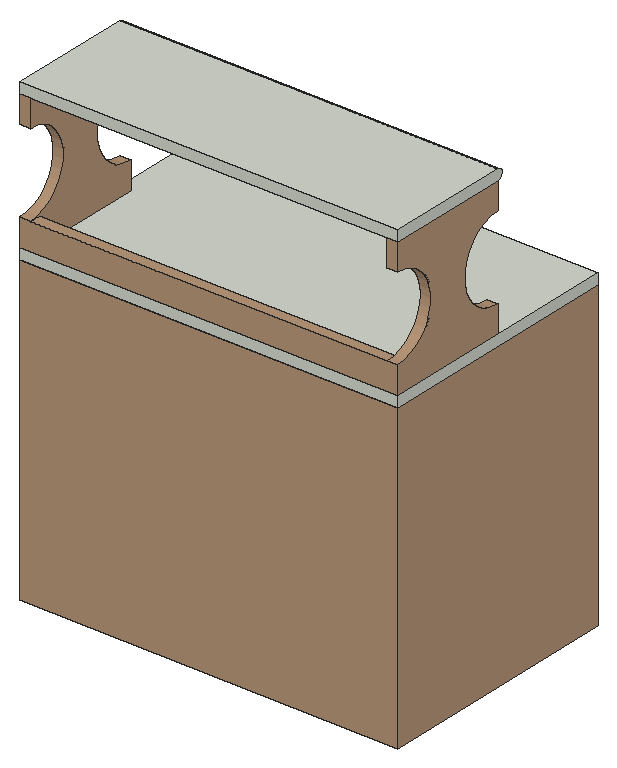
Revit family
Parameters
  Unit = Wood
  Tyre = Metal1
  Top = Stone
  Subcategory = "Base Cabinet"
  SmartBIM Object Version = 3  # constant formula
  SmartBIM Object Created By = "Reed Construction Data"  # constant formula
  Default Elevation = 4' - 0"
  Assembly Code = "C1030410"
  95 CSI = "06410"  # constant formula
  04 CSI = "16 41 00"  # constant formula
Reference planes (in)
  plane 1 "Center F/B": y = 0
  plane 2: z = 0
  plane 3 "Center L/R": x = 0
  plane 4: x = -18.125
  plane 5: x = 18.125
  plane 6: y = 12
  plane 7: y = -12
  plane 8: z = 22.25
  plane 9: z = 44.5
  plane 10: z = 30.25
  plane 11: z = 0.93449
  plane 12: z = 3.43449
  plane 13: z = 31.25
  plane 14: z = 45.5
  plane 15: x = 17.125
  plane 16: x = -17.125
  plane 17: z = 29.25
  plane 18: z = 24.75
  plane 19: z = 23.75
  plane 20: z = 2.93449
  plane 21: y = 12.5
  plane 22: x = 0.5
  plane 23: x = -0.5
Forms (in)
  Extrusion 1, solid, material "Metal1" <- "Tyre"
    sketch origin (-0.79274, -1, 0) x (0, 1, 0) y (0, 0, -1)
      loop
        circle (11.00839, -0.99815) r 1
    from 13.33226 to 14.33226
  Extrusion 2, solid, material "Metal1" <- "Tyre"
    sketch origin (1, -1.09375, 0) x (-1, 0, 0) y (0, -1, 0)
      loop
        line (16.125, -11.34912) -> (16.29965, -11.34912) -> (16.29965, -10.84912) -> (16.125, -10.84912) -> (16.125, -11.34912)
      loop
        line (15.125, -11.34912) -> (15.125, -10.84912) -> (14.95035, -10.84912) -> (14.95035, -11.34912) -> (15.125, -11.34912)
    from 0.93449 to 2.58008
  Extrusion 3, solid, material "Metal1" <- "Tyre"
    sketch origin (1, -1, 0) x (-1, 0, 0) y (0, -1, 0)
      loop
        line (18.125, -12) -> (18.125, -9.5) -> (13.375, -9.5) -> (13.375, -12) -> (18.125, -12)
    from 2.58008 to 2.63813
  Extrusion 4, solid, material "Metal1" <- "Tyre"
    sketch origin (0.79274, -1, 0) x (0, 1, 0) y (0, 0, 1)
      loop
        circle (11.00839, 0.99815) r 1
    from 13.33226 to 14.33226
  Extrusion 5, solid, material "Metal1" <- "Tyre"
    sketch origin (-1, -1.09375, 0) x (1, 0, 0) y (0, 1, 0)
      loop
        line (16.125, 11.34912) -> (16.125, 10.84912) -> (16.29965, 10.84912) -> (16.29965, 11.34912) -> (16.125, 11.34912)
      loop
        line (15.125, 11.34912) -> (14.95035, 11.34912) -> (14.95035, 10.84912) -> (15.125, 10.84912) -> (15.125, 11.34912)
    from 0.93449 to 2.58008
  Extrusion 6, solid, material "Metal1" <- "Tyre"
    sketch origin (-1, -1, 0) x (1, 0, 0) y (0, 1, 0)
      loop
        line (18.125, 12) -> (13.375, 12) -> (13.375, 9.5) -> (18.125, 9.5) -> (18.125, 12)
    from 2.58008 to 2.63813
  Extrusion 7, solid, material "Metal1" <- "Tyre"
    sketch origin (-0.79274, 1, 0) x (0, -1, 0) y (0, 0, 1)
      loop
        circle (11.00839, 0.99815) r 1
    from 13.33226 to 14.33226
  Extrusion 8, solid, material "Metal1" <- "Tyre"
    sketch origin (1, 1.09375, 0) x (-1, 0, 0) y (0, -1, 0)
      loop
        line (16.125, 11.34912) -> (16.125, 10.84912) -> (16.29965, 10.84912) -> (16.29965, 11.34912) -> (16.125, 11.34912)
      loop
        line (15.125, 11.34912) -> (14.95035, 11.34912) -> (14.95035, 10.84912) -> (15.125, 10.84912) -> (15.125, 11.34912)
    from 0.93449 to 2.58008
  Extrusion 9, solid, material "Metal1" <- "Tyre"
    sketch origin (1, 1, 0) x (-1, 0, 0) y (0, -1, 0)
      loop
        line (18.125, 12) -> (13.375, 12) -> (13.375, 9.5) -> (18.125, 9.5) -> (18.125, 12)
    from 2.58008 to 2.63813
  Extrusion 10, solid, material "Metal1" <- "Tyre"
    sketch origin (0.79274, 1, 0) x (0, -1, 0) y (0, 0, -1)
      loop
        circle (11.00839, -0.99815) r 1
    from 13.33226 to 14.33226
  Extrusion 11, solid, material "Metal1" <- "Tyre"
    sketch origin (-1, 1.09375, 0) x (1, 0, 0) y (0, 1, 0)
      loop
        line (16.125, -11.34912) -> (16.29965, -11.34912) -> (16.29965, -10.84912) -> (16.125, -10.84912) -> (16.125, -11.34912)
      loop
        line (15.125, -11.34912) -> (15.125, -10.84912) -> (14.95035, -10.84912) -> (14.95035, -11.34912) -> (15.125, -11.34912)
    from 0.93449 to 2.58008
  Extrusion 12, solid, material "Metal1" <- "Tyre"
    sketch origin (-1, 1, 0) x (1, 0, 0) y (0, 1, 0)
      loop
        line (18.125, -12) -> (18.125, -9.5) -> (13.375, -9.5) -> (13.375, -12) -> (18.125, -12)
    from 2.58008 to 2.63813
  Extrusion 13, solid, material "Wood" <- "Unit"
    sketch origin (0, 0, 0) x (1, 0, 0) y (0, 1, 0)
      loop
        line (18.125, 12) -> (-18.125, 12) -> (-18.125, -12) -> (18.125, -12) -> (18.125, 12)
      loop
        line (-17.125, -11) -> (17.125, -11) -> (17.125, 11) -> (-17.125, 11) -> (-17.125, -11)
    from 0.93449 to 30.25
  Extrusion 14, solid, material "Wood" <- "Unit"
    sketch origin (1, -1, 2.63813) x (-1, 0, 0) y (0, -1, 0)
      loop
        line (18.125, -12) -> (18.125, 10) -> (-16.125, 10) -> (-16.125, -12) -> (18.125, -12)
    from 0 to 0.79636
  Extrusion 15, solid, material "Stone" <- "Top"
    sketch origin (1, -1, 2.63813) x (-1, 0, 0) y (0, -1, 0)
      loop
        line (-17.125, -13) -> (19.125, -13) -> (19.125, 11) -> (-17.125, 11) -> (-17.125, -13)
    from 27.61187 to 28.61187
  Extrusion 16, solid, material "Stone" <- "Top"
    sketch origin (0, 0, 0) x (0, 1, 0) y (0, 0, 1)
      loop
        line (0, 45.5) -> (-12, 45.5) -> (-12, 44.5) -> (0, 44.5)
        arc (0, 44.5) -> (0.05542, 44.50308) -> (0.11016, 44.51229) r 0.5
        arc (0.11016, 44.51229) -> (0.21082, 44.54662) -> (0.30194, 44.60146) r 0.5
        arc (0.30194, 44.60146) -> (0.38096, 44.67616) -> (0.44196, 44.76617) r 0.5
        arc (0.44196, 44.76617) -> (0.45703, 44.79721) -> (0.46993, 44.82922) r 0.5
        arc (0.46993, 44.82922) -> (0.5, 45.00093) -> (0.46929, 45.17252) r 0.5
        arc (0.46929, 45.17252) -> (0.4096, 45.28676) -> (0.32269, 45.38193) r 0.5
        arc (0.32269, 45.38193) -> (0.24061, 45.4383) -> (0.149, 45.47728) r 0.5
        arc (0.149, 45.47728) -> (0.07536, 45.49429) -> (0, 45.5) r 0.5
    from -18.125 to 18.125
  Extrusion 17, solid, material "Wood" <- "Unit"
    sketch origin (0, 0, 0) x (0, 1, 0) y (0, 0, 1)
      loop
        line (-12, 44.5) -> (-12, 41.875)
        arc (-12, 41.875) -> (-8, 37.875) -> (-12, 33.875) r 4
        line (-12, 33.875) -> (-12, 31.25) -> (0, 31.25) -> (0, 33.875)
        arc (0, 33.875) -> (-4, 37.875) -> (0, 41.875) r 4
        line (0, 41.875) -> (0, 44.5) -> (-12, 44.5)
    from 17.125 to 18.125
  Blend 18, solid, material "Wood" <- "Unit"
    base sketch origin (0, 0, 0) x (1, 0, 0) y (0, 0, 1)
      loop
        line (-17.125, 29.25) -> (-17.125, 24.75) -> (-0.0625, 24.75) -> (-0.0625, 29.25) -> (-17.125, 29.25)
    top sketch origin (0, 0, 0) x (1, 0, 0) y (0, 0, 1)
      loop
        line (-0.5, 28.75) -> (-16.625, 28.75) -> (-16.625, 25.25) -> (-0.5, 25.25) -> (-0.5, 28.75)
    from -12 to -12.5
  Blend 19, solid, material "Wood" <- "Unit"
    base sketch origin (0, 0, 0) x (1, 0, 0) y (0, 0, 1)
      loop
        line (17.125, 2.93449) -> (17.125, 22.25) -> (0.5, 22.25) -> (0.5, 2.93449) -> (17.125, 2.93449)
    top sketch origin (0, 0, 0) x (1, 0, 0) y (0, 0, 1)
      loop
        line (16.125, 21.25) -> (1.5, 21.25) -> (1.5, 3.93449) -> (16.125, 3.93449) -> (16.125, 21.25)
    from -12 to -12.5
  Blend 20, solid, material "Wood" <- "Unit"
    base sketch origin (0, 0, 0) x (-1, 0, 0) y (0, 0, -1)
      loop
        line (17.125, -2.93449) -> (0.5, -2.93449) -> (0.5, -22.25) -> (17.125, -22.25) -> (17.125, -2.93449)
    top sketch origin (0, 0, 0) x (-1, 0, 0) y (0, 0, -1)
      loop
        line (16.125, -21.25) -> (16.125, -3.93449) -> (1.5, -3.93449) -> (1.5, -21.25) -> (16.125, -21.25)
    from -12 to -12.5
  Blend 21, solid, material "Wood" <- "Unit"
    base sketch origin (0, 0, 0) x (-1, 0, 0) y (0, 0, -1)
      loop
        line (-17.125, -29.25) -> (-0.0625, -29.25) -> (-0.0625, -24.75) -> (-17.125, -24.75) -> (-17.125, -29.25)
    top sketch origin (0, 0, 0) x (-1, 0, 0) y (0, 0, -1)
      loop
        line (-0.5, -28.75) -> (-0.5, -25.25) -> (-16.625, -25.25) -> (-16.625, -28.75) -> (-0.5, -28.75)
    from -12 to -12.5
  Extrusion 22, solid, material "Wood" <- "Unit"
    sketch origin (0, 0, 0) x (0, 1, 0) y (0, 0, -1)
      loop
        line (-12, -44.5) -> (0, -44.5) -> (0, -41.875)
        arc (0, -41.875) -> (-4, -37.875) -> (0, -33.875) r 4
        line (0, -33.875) -> (0, -31.25) -> (-12, -31.25) -> (-12, -33.875)
        arc (-12, -33.875) -> (-8, -37.875) -> (-12, -41.875) r 4
        line (-12, -41.875) -> (-12, -44.5)
    from 17.125 to 18.125
  Extrusion 23, solid, material "Wood" <- "Unit"
    sketch origin (0, 0, 0) x (1, 0, 0) y (0, 0, 1)
      loop
        line (-17.125, 33.875) -> (-17.125, 31.25) -> (17.125, 31.25) -> (17.125, 33.875) -> (-17.125, 33.875)
    from 11 to 12
Cuts and joins
  joined: Extrusion 1, Extrusion 2, Extrusion 3, Extrusion 4, Extrusion 5, Extrusion 6, Extrusion 7, Extrusion 8, Extrusion 9, Extrusion 10, Extrusion 11, Extrusion 12
  joined: Extrusion 15, Extrusion 16
  joined: Extrusion 13, Extrusion 14, Extrusion 17, Blend 18, Blend 19, Blend 20, Extrusion 22, Extrusion 23
Dimensions and locks (in)
  equal spacing: plane 4, plane 3 "Center L/R", plane 5
  locked: plane 4 to plane 5 at 36.25
  equal spacing: plane 7, plane 1 "Center F/B", plane 6
  locked: plane 7 to plane 6 at 24
  equal spacing: plane 9, plane 8, level
  locked: plane 9 to level at 44.5
  locked: Extrusion 1 to Extrusion 1 at 1
  locked: Extrusion 1 to plane 4 at 3
  locked: Extrusion 4 to Extrusion 4 at 1
  locked: Extrusion 4 to plane 5 at 3
  locked: Extrusion 7 to Extrusion 7 at 1
  locked: Extrusion 7 to plane 4 at 3
  locked: Extrusion 10 to Extrusion 10 at 1
  locked: Extrusion 10 to plane 5 at 3
  locked: Extrusion 13 sketch curve to Extrusion 13 sketch curve at 1  (x4)
  locked: plane 10 to level at 30.25
  locked: plane 11 to level at 0.93449
  locked: plane 12 to plane 11 at 2.5
  locked: plane 13 to plane 10 at 1
  locked: plane 14 to plane 9 at 1
  locked: plane 5 to plane 15 at 1
  locked: plane 4 to plane 16 at 1
  locked: plane 10 to plane 17 at 1
  locked: plane 17 to plane 18 at 4.5
  locked: plane 18 to plane 19 at 1
  locked: plane 20 to plane 11 at 2
  locked: plane 21 to plane 6 at 0.5
  locked: plane 22 to plane 3 "Center L/R" at 0.5
  locked: plane 23 to plane 3 "Center L/R" at 0.5
  aligned and locked: level to plane 2
  aligned and locked: Extrusion 2 to Extrusion 3
  aligned and locked: Extrusion 6 to Extrusion 5
  aligned and locked: Extrusion 9 to Extrusion 8
  aligned and locked: Extrusion 11 to Extrusion 12
  aligned and locked: Extrusion 13 sketch curve to plane 6
  aligned and locked: Extrusion 13 sketch curve to plane 4
  aligned and locked: Extrusion 13 sketch curve to plane 7
  aligned and locked: Extrusion 13 sketch curve to plane 5
  aligned and locked: plane 10 to Extrusion 13
  aligned and locked: plane 11 to Extrusion 8
  aligned and locked: Extrusion 13 to plane 11
  aligned and locked: Extrusion 14 sketch curve to Extrusion 13  (x4)
  aligned and locked: Extrusion 14 to Extrusion 9
  aligned and locked: plane 12 to Extrusion 14
  aligned and locked: Extrusion 15 sketch curve to plane 6
  aligned and locked: Extrusion 15 sketch curve to plane 4
  aligned and locked: Extrusion 15 sketch curve to plane 7
  aligned and locked: Extrusion 15 sketch curve to plane 5
  aligned and locked: Extrusion 15 to plane 10
  aligned and locked: plane 13 to Extrusion 15
  aligned and locked: plane 5 to Extrusion 16
  aligned and locked: Extrusion 16 to plane 4
  aligned and locked: Extrusion 17 sketch curve to Extrusion 16
  aligned and locked: plane 7 to Extrusion 17 sketch curve
  aligned and locked: plane 1 "Center F/B" to Extrusion 17 sketch curve
  aligned and locked: Extrusion 15 to Extrusion 17 sketch curve
  aligned and locked: plane 5 to Extrusion 17
  aligned and locked: Extrusion 17 to plane 15
  aligned and locked: plane 16 to Blend 18 sketch curve
  aligned and locked: Blend 18 sketch curve to plane 17
  aligned and locked: Blend 18 sketch curve to plane 18
  aligned and locked: plane 6 to Blend 18
  aligned and locked: Blend 18 to plane 21
  aligned and locked: plane 15 to Blend 19 sketch curve
  aligned and locked: plane 8 to Blend 19 sketch curve
  aligned and locked: plane 22 to Blend 19 sketch curve
  aligned and locked: plane 20 to Blend 19 sketch curve
  aligned and locked: Blend 19 to cut or joined group of Extrusion 13, Extrusion 14, Extrusion 17, Blend 18, Blend 19, Blend 20, Extrusion 22, Extrusion 23
  aligned and locked: Blend 19 to plane 21
  aligned and locked: plane 23 to Blend 20
  aligned and locked: Blend 20 to plane 8
  aligned and locked: Blend 20 to plane 16
  aligned and locked: plane 20 to Blend 20
  aligned and locked: cut or joined group of Extrusion 13, Extrusion 14, Extrusion 17, Blend 18, Blend 19, Blend 20, Extrusion 22, Extrusion 23 to plane 21
  aligned and locked: Extrusion 22 to Extrusion 23 sketch curve
  aligned and locked: Extrusion 23 sketch curve to cut or joined group of Extrusion 13, Extrusion 14, Extrusion 17, Blend 18, Blend 19, Blend 20, Extrusion 22, Extrusion 23
  aligned and locked: cut or joined group of Extrusion 13, Extrusion 14, Extrusion 17, Blend 18, Blend 19, Blend 20, Extrusion 22, Extrusion 23 to Extrusion 23 sketch curve
  aligned and locked: plane 3 "Center L/R" to Extrusion 22 sketch curve
  aligned and locked: Extrusion 22 sketch curve to plane 7  (x2)
  aligned and locked: Extrusion 22 sketch curve to plane 1 "Center F/B"  (x2)
Automatic sketch dimensions
  plane 11 to Extrusion 1 sketch curve = 0' - 0.06366"
  plane 6 to Extrusion 1 sketch curve = 0' - 1.99161"
  plane 16 to Extrusion 2 sketch curve = 0' - 3.17465"
  Extrusion 2 sketch curve to Extrusion 2 sketch curve = 0' - 0.17465"  (x2)
  Extrusion 2 sketch curve to Extrusion 2 sketch curve = 0' - 1"
  Extrusion 2 sketch curve to plane 6 = 0' - 2.24463"
  Extrusion 2 sketch curve to Extrusion 2 sketch curve = 0' - 0"
  Extrusion 2 sketch curve to Extrusion 2 sketch curve = 0' - 0 1/2"  (x2)
  Extrusion 3 sketch curve to plane 16 = 0' - 0"
  plane 16 to Extrusion 3 sketch curve = 0' - 4 3/4"
  Extrusion 3 sketch curve to plane 6 = 0' - 3 1/2"
  Extrusion 3 sketch curve to plane 6 = 0' - 1"
  plane 11 to Extrusion 4 sketch curve = 0' - 0.06366"
  plane 6 to Extrusion 4 sketch curve = 0' - 1.99161"
  Extrusion 5 sketch curve to plane 15 = 0' - 3.17465"
  Extrusion 5 sketch curve to Extrusion 5 sketch curve = 0' - 0.17465"  (x2)
  Extrusion 5 sketch curve to Extrusion 5 sketch curve = 0' - 1"
  plane 6 to Extrusion 5 sketch curve = 0' - 2.24463"
  Extrusion 5 sketch curve to Extrusion 5 sketch curve = 0' - 0"
  Extrusion 5 sketch curve to Extrusion 5 sketch curve = 0' - 0 1/2"  (x2)
  Extrusion 6 sketch curve to plane 15 = 0' - 0"
  Extrusion 6 sketch curve to Extrusion 6 sketch curve = 0' - 4 3/4"
  plane 6 to Extrusion 6 sketch curve = 0' - 3 1/2"
  plane 6 to Extrusion 6 sketch curve = 0' - 1"
  plane 11 to Extrusion 7 sketch curve = 0' - 0.06366"
  Extrusion 7 sketch curve to plane 7 = 0' - 1.99161"
  Extrusion 8 sketch curve to plane 16 = 0' - 3.17465"
  Extrusion 8 sketch curve to Extrusion 8 sketch curve = 0' - 0.17465"  (x2)
  Extrusion 8 sketch curve to Extrusion 8 sketch curve = 0' - 1"
  Extrusion 8 sketch curve to plane 7 = 0' - 2.24463"
  Extrusion 8 sketch curve to Extrusion 8 sketch curve = 0' - 0"
  Extrusion 8 sketch curve to Extrusion 8 sketch curve = 0' - 0 1/2"  (x2)
  Extrusion 9 sketch curve to plane 16 = 0' - 0"
  Extrusion 9 sketch curve to Extrusion 9 sketch curve = 0' - 4 3/4"
  Extrusion 9 sketch curve to plane 7 = 0' - 3 1/2"
  Extrusion 9 sketch curve to plane 7 = 0' - 1"
  plane 11 to Extrusion 10 sketch curve = 0' - 0.06366"
  Extrusion 10 sketch curve to plane 7 = 0' - 1.99161"
  plane 15 to Extrusion 11 sketch curve = 0' - 3.17465"
  Extrusion 11 sketch curve to Extrusion 11 sketch curve = 0' - 0.17465"  (x2)
  Extrusion 11 sketch curve to Extrusion 11 sketch curve = 0' - 1"
  plane 7 to Extrusion 11 sketch curve = 0' - 2.24463"
  Extrusion 11 sketch curve to Extrusion 11 sketch curve = 0' - 0"
  Extrusion 11 sketch curve to Extrusion 11 sketch curve = 0' - 0 1/2"  (x2)
  Extrusion 12 sketch curve to plane 15 = 0' - 0"
  plane 15 to Extrusion 12 sketch curve = 0' - 4 3/4"
  plane 7 to Extrusion 12 sketch curve = 0' - 3 1/2"
  plane 7 to Extrusion 12 sketch curve = 0' - 1"
  Extrusion 16 sketch curve to Extrusion 16 sketch curve = 0' - 0"  (x56)
  Extrusion 16 sketch curve to plane 7 = 0' - 0"
  Extrusion 16 sketch curve to plane 1 "Center F/B" = 0' - 0"
  Extrusion 16 sketch curve to plane 9 = 0' - 0"
  Extrusion 16 sketch curve to plane 14 = 0' - 0"
  plane 9 to Extrusion 16 sketch curve = 0' - 0.01229"
  Extrusion 16 sketch curve to plane 14 = 0' - 0.02272"
  plane 9 to Extrusion 16 sketch curve = 0' - 0.10146"
  Extrusion 16 sketch curve to plane 14 = 0' - 0.11807"
  Extrusion 16 sketch curve to Extrusion 16 sketch curve = 0' - 0.14001"
  Extrusion 16 sketch curve to Extrusion 16 sketch curve = 0' - 0.1466"
  Extrusion 16 sketch curve to Extrusion 16 sketch curve = 0' - 0.02797"
  plane 13 to Extrusion 17 sketch curve = 0' - 2 5/8"  (x2)
  Extrusion 17 sketch curve to Extrusion 17 sketch curve = 0' - 4"  (x2)
  Blend 18 sketch curve to plane 3 "Center L/R" = 0' - 0 1/16"
  Blend 18 sketch curve to plane 23 = 0' - 0"
  Blend 18 sketch curve to plane 16 = 0' - 0 1/2"
  plane 18 to Blend 18 sketch curve = 0' - 0 1/2"
  Blend 18 sketch curve to plane 17 = 0' - 0 1/2"
  plane 22 to Blend 19 sketch curve = 0' - 1"
  plane 12 to Blend 19 sketch curve = 0' - 0 1/2"
  Blend 19 sketch curve to plane 15 = 0' - 1"
  Blend 19 sketch curve to plane 8 = 0' - 1"
  Blend 20 sketch curve to plane 8 = 0' - 0"
  Blend 20 sketch curve to plane 23 = 0' - 0"
  Blend 20 sketch curve to plane 16 = 0' - 0"
  Blend 20 sketch curve to plane 20 = 0' - 0"
  Blend 20 sketch curve to plane 23 = 0' - 1"
  Blend 20 sketch curve to plane 12 = 0' - 0 1/2"
  plane 16 to Blend 20 sketch curve = 0' - 1"
  plane 8 to Blend 20 sketch curve = 0' - 1"
  Blend 21 sketch curve to plane 15 = 0' - 0"
  Blend 21 sketch curve to plane 18 = 0' - 0"
  Blend 21 sketch curve to plane 17 = 0' - 0"
  Blend 21 sketch curve to plane 3 "Center L/R" = 0' - 0 1/16"
  Blend 21 sketch curve to plane 22 = 0' - 0"
  plane 15 to Blend 21 sketch curve = 0' - 0 1/2"
  Blend 21 sketch curve to plane 18 = 0' - 0 1/2"
  plane 17 to Blend 21 sketch curve = 0' - 0 1/2"
  Extrusion 22 sketch curve to plane 7 = 0' - 0"
  Extrusion 22 sketch curve to plane 1 "Center F/B" = 0' - 0"
  Extrusion 22 sketch curve to plane 9 = 0' - 0"
  Extrusion 22 sketch curve to plane 13 = 0' - 0"
  Extrusion 22 sketch curve to Extrusion 22 sketch curve = 0' - 2 5/8"  (x2)
  Extrusion 22 sketch curve to Extrusion 22 sketch curve = 0' - 4"  (x2)
  Extrusion 23 sketch curve to plane 16 = 0' - 0"
  radius of Extrusion 1 sketch curve = 0' - 1"
  radius of Extrusion 4 sketch curve = 0' - 1"
  radius of Extrusion 7 sketch curve = 0' - 1"
  radius of Extrusion 10 sketch curve = 0' - 1"
Nested families (in)
  nested 1: "handle_Vertical" at (-3.58173, 12.5, 15.13813) x (-1, 0, 0) z (0, 0, 1), type "handle"
  nested 2: "handle_Vertical" at (3.58173, 12.5, 15.13813), type "handle"
  nested 3: "handle Horizontal.0001" at (-8.95123, 11.69761, 26.88813) x (-1, 0, 0) z (0, 0, 1), type "handle"
  nested 4: "handle Horizontal.0001" at (8.95123, 11.69761, 26.88813), type "handle"
Definition of nested family "handle_Vertical"
  Parameters (values of type "handle")
    thickness of handle = 0' - 0 1/4"
    material = Black
    handle height = 0' - 4"
    Spacing = 0' - 1"
    Default Elevation = 4' - 0"
    Assembly Code = ""
  Reference planes (in)
    plane 1 "Center (Front/Back)": y = 0
    plane 2: z = 0
    plane 3 "Center (Left/Right)": x = -0.95673
    plane 4: y = 0.25
    plane 5: z = 0.25
    plane 6: z = 4
    plane 7: z = 3.75
    plane 8: x = -1.08173
    plane 9: x = -0.83173
    plane 10: y = -1
    plane 11: y = -1.25
  Forms (in)
    Extrusion 1, solid, material "Black" <- "material"
      sketch origin (-0.95673, 0, 0) x (0, 1, 0) y (0, 0, 1)
        loop
          line (0, 4) -> (-1, 4)
          arc (-1, 4) -> (-1.17678, 3.92678) -> (-1.25, 3.75) r 0.25
          line (-1.25, 3.75) -> (-1.25, 0.25)
          arc (-1.25, 0.25) -> (-1.17678, 0.07322) -> (-1, 0) r 0.25
          line (-1, 0) -> (0, 0) -> (0, 0.25) -> (-0.75, 0.25)
          arc (-0.75, 0.25) -> (-0.92678, 0.32322) -> (-1, 0.5) r 0.25
          line (-1, 0.5) -> (-1, 3.5)
          arc (-1, 3.5) -> (-0.92678, 3.67678) -> (-0.75, 3.75) r 0.25
          line (-0.75, 3.75) -> (0, 3.75) -> (0, 4)
      from -0.125 to 0.125
  Dimensions and locks (in)
    "thickness of handle": plane 1 "Center (Front/Back)" to plane 4
    "handle height": plane 6 to level
    equal spacing: plane 9, plane 3 "Center (Left/Right)", plane 8
    "thickness of handle": plane 9 to plane 8
    "Spacing": plane 1 "Center (Front/Back)" to plane 10
    "thickness of handle": plane 10 to plane 11
    "thickness of handle": plane 6 to plane 7
    "thickness of handle": plane 5 to level
    aligned and locked: plane 1 "Center (Front/Back)" to Extrusion 1 sketch curve  (x2)
    aligned and locked: Extrusion 1 to plane 8
    aligned and locked: plane 9 to Extrusion 1
    aligned and locked: Extrusion 1 sketch curve to plane 10
    aligned and locked: Extrusion 1 sketch curve to plane 6
    aligned and locked: Extrusion 1 sketch curve to plane 7
    aligned and locked: Extrusion 1 sketch curve to plane 5
    aligned and locked: Extrusion 1 sketch curve to level
    aligned and locked: Extrusion 1 to plane 11
  Automatic sketch dimensions
    Extrusion 1 sketch curve to plane 11 = 0' - 0"
    Extrusion 1 sketch curve to plane 10 = 0' - 0"
    plane 10 to Extrusion 1 sketch curve = 0' - 0 1/4"
    Extrusion 1 sketch curve to Extrusion 1 sketch curve = 0' - 0 1/4"  (x2)
Definition of nested family "handle Horizontal.0001"
  Parameters (values of type "handle")
    thickness of handle = 0' - 0 1/4"
    spacing = 0' - 0 1/2"
    material = none
    Handle Width = 0' - 4"
    Default Elevation = 4' - 0"
    Assembly Code = ""
  Reference planes (in)
    plane 1 "Center (Front/Back)": y = -0.80239
    plane 2: z = 0
    plane 3: z = 0.25
    plane 4: x = -0.40842
    plane 5: x = 1.59158
    plane 6: x = -2.40842
    plane 7: y = -1.30239
    plane 8: y = -1.55239
    plane 9: x = -2.15842
    plane 10: x = 1.34158
  Forms (in)
    Extrusion 1, solid, material <- "material"
      sketch origin (0, 0, 0) x (1, 0, 0) y (0, 1, 0)
        loop
          line (1.59158, -0.80239) -> (1.34158, -0.80239) -> (1.34158, -1.17739)
          arc (1.34158, -1.17739) -> (1.30496, -1.26578) -> (1.21658, -1.30239) r 0.125
          line (1.21658, -1.30239) -> (-2.03342, -1.30239)
          arc (-2.03342, -1.30239) -> (-2.12181, -1.26578) -> (-2.15842, -1.17739) r 0.125
          line (-2.15842, -1.17739) -> (-2.15842, -0.80239) -> (-2.40842, -0.80239) -> (-2.40842, -1.30239)
          arc (-2.40842, -1.30239) -> (-2.3352, -1.47917) -> (-2.15842, -1.55239) r 0.25
          line (-2.15842, -1.55239) -> (1.34158, -1.55239)
          arc (1.34158, -1.55239) -> (1.51835, -1.47917) -> (1.59158, -1.30239) r 0.25
          line (1.59158, -1.30239) -> (1.59158, -0.80239)
      from 0 to 0.25 <- "thickness of handle"
  Dimensions and locks (in)
    "thickness of handle": plane 3 to level
    equal spacing: plane 6, plane 4, plane 5
    "spacing": plane 7 to plane 1 "Center (Front/Back)"
    "thickness of handle": plane 7 to plane 8
    "thickness of handle": plane 6 to plane 9
    "thickness of handle": plane 10 to plane 5
    "Handle Width": plane 6 to plane 5
    "thickness of handle": Extrusion 1 sketch curve to Extrusion 1 sketch curve  (x3)
    "spacing": Extrusion 1 sketch curve to plane 1 "Center (Front/Back)"
    aligned and locked: Extrusion 1 sketch curve to plane 1 "Center (Front/Back)"  (x2)
    aligned and locked: Extrusion 1 sketch curve to plane 9
    aligned and locked: Extrusion 1 sketch curve to plane 10
    aligned and locked: plane 3 to Extrusion 1
    aligned and locked: Extrusion 1 to plane 3
    aligned and locked: Extrusion 1 to level
  Automatic sketch dimensions
    Extrusion 1 sketch curve to plane 9 = 0' - 0"
    Extrusion 1 sketch curve to plane 7 = 0' - 0"
    plane 9 to Extrusion 1 sketch curve = 0' - 0 1/8"
    Extrusion 1 sketch curve to plane 10 = 0' - 0 1/8"
